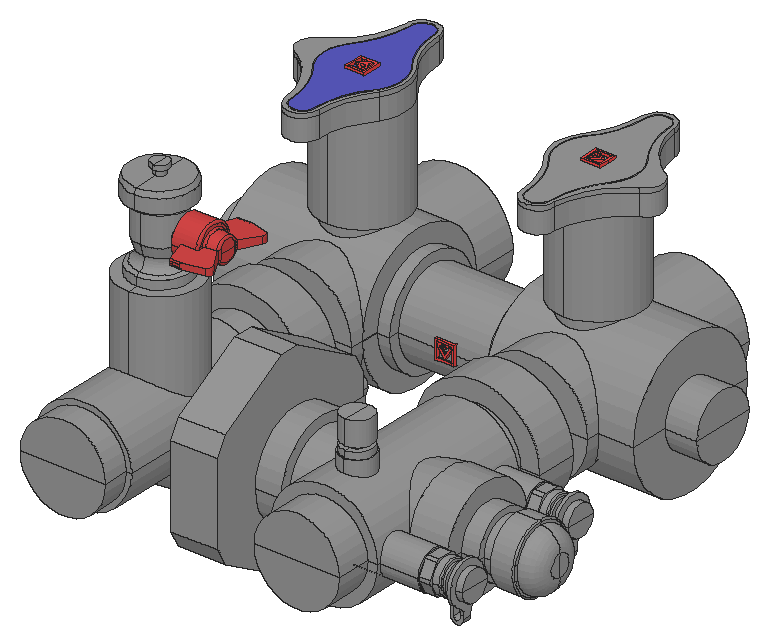
Revit family "HerzCon-Direktanschluss für FanCoils 120mm", category Rohrzubehör, Revit 2020
Family settings
  Bemaßung runder Anschluss = Durchmesser verwenden
  Teiletyp = Unterbricht
  OmniClass-Nummer = 23.65.55.14
  OmniClass-Titel = Valves for Liquid Services
  Arbeitsebenenbasiert = Nein
  Immer vertikal = Ja
  Beim Laden mit Abzugskörper schneiden = Nein
  Gemeinsam genutzt = Nein
Parameters (values of type "DN32")
  kvs-Wert (normale Funktion) = 4.57  # constant formula
  kvs-Wert (Bypass Funktion) = 14.2  # constant formula
  Vorgabe-Ansicht = 0.00 mm
  URL = "www.herz-armaturen.at"
  SCRNSEQ = "ARM;TYP_ARM=\"DURR\";02"
  SCRNCODE = "05;04;04"  # constant formula
  Nennweite SF [instance] = 40.00 mm  # constant formula
  Nennweite Kombi [instance] = 40.00 mm  # constant formula
  Nennweite KH [instance] = 32.00 mm  # constant formula
  Min. Betriebstemperatur = -20 °C  # constant formula
  Membrane und O-Ringe = "EPDM"  # constant formula
  Medium = "Heizungswasser gemäß ÖNORM H5195 oder VDI-Standard 2035.\r\nDie Verwendung von Ethylen- oder Propylenglykol-Gemischen in einem Verhältnis von 25-50 Vol.- % ist erlaubt."
  Max. Differenzdruck = 400000.0 Pa  # constant formula
  Max. Betriebstemperatur = 130 °C  # constant formula
  Max. Betriebsdruck = 2500000.0 Pa  # constant formula
  L11 = 16.00 mm  # constant formula
  L10 = 29.30 mm  # constant formula
  L09 = 20.00 mm  # constant formula
  L08 = 14.75 mm  # constant formula
  L07 = 19.25 mm  # constant formula
  L06 = 17.00 mm  # constant formula
  L05 = 26.50 mm  # constant formula
  L04 = 55.00 mm  # constant formula
  L03 = 22.40 mm  # constant formula
  L02 = 6.10 mm  # constant formula
  L01 = 15.00 mm  # constant formula
  L00 [instance] = 226.20 mm  # constant formula
  KR02 = 18.25 mm  # constant formula
  KR01 = 35.00 mm  # constant formula
  KL09 = 4.70 mm  # constant formula
  KL08 = KL06 + KL07  # 70.70 mm
  KL07 = 21.80 mm  # constant formula
  KL06 = KH01 + KL05  # 48.90 mm
  KL05 = 15.40 mm  # constant formula
  KL04 = 12.00 mm  # constant formula
  KL03 = KH03 - 9.00 mm  # 57.00 mm
  KL02 = 16.00 mm  # constant formula
  KL01 = 114.00 mm  # constant formula
  KH03 = 66.00 mm  # constant formula
  KH02 = KH01 + KD01  # 58.50 mm
  KH01 = 33.50 mm  # constant formula
  KD09 = 11.25 mm  # constant formula
  KD08 = 24.50 mm  # constant formula
  KD07 = 23.30 mm  # constant formula
  KD06 = 15.00 mm  # constant formula
  KD05 = 12.50 mm  # constant formula
  KD04 = 13.90 mm  # constant formula
  KD03 = 20.00 mm  # constant formula
  KD02 = 20.00 mm  # constant formula
  KD01 = 25.00 mm  # constant formula
  Hub = "4 mm"  # constant formula
  Hersteller = "HERZ Armaturen Ges.m.b.H."  # constant formula
  H01 = D02 + 1.00 mm  # 34.00 mm
  Gehäuse = "entzinkungsbeständiges Messing"  # constant formula
  D10 = 21.40 mm  # constant formula
  D09 = 13.00 mm  # constant formula
  D08 = 18.40 mm  # constant formula
  D07 = 39.00 mm  # constant formula
  D06 = 45.00 mm  # constant formula
  D05 = 54.50 mm  # constant formula
  D04 = 20.00 mm  # constant formula
  D03 = 24.50 mm  # constant formula
  D02 = 33.00 mm  # constant formula
  D01 = 15.00 mm  # constant formula
  Bestellnummer [instance] = 1460054  # constant formula
  Anwendungen = "Die HerzCON wurden entwickelt, um eine einfache Verbindung zu Gebläsekonvektoren oder anderen Anschlusseinheiten herzustellen.\r\nEin HerzCON ist eine Einheit, bestehend aus einem druckunabhängigen Kombiventil-Volumenstromregler (4006), Herz-Schmutzfänger, Herz-Entleerungshahn (2512) und zwei Herz-Multifunktionskugelhähnen.\r\nDas Ein-/ Aus Schalten sowie Modulieren ist über einen 0-10 V Stellantrieb möglich und kann bei Bedarf in eine GLT integriert werden.\r\nDie Einheit optimiert die Energieeffizienz des Systems, da es eine druckunabhängige Regelung ist, die den vollen Regelbereich unabhängig von Druckschwankungen gewährleistet, während gleichzeitig ein konstanter Durchfluss sichergestellt wird.\r\nMit der HerzCON können auch Spül- und Absperrvorgänge durchgeführt werden.\r\nEine Einheit kann für Heizen und Kühlen verwendet werden.\r\nEs gibt daher keinen Produktunterschied zwischen Heizen und Kühlen.\r\nDer am Sieb angebrachte Ablasshahn ermöglicht ein Spülen, ohne dass der Siebkorb entfernt werden muss.\r\nAußerdem kann der Siebkorb vor Ort gereinigt werden."
Reference planes
  plane 1 "Mitte (Vorne/hinten)": y = 0
  plane 2: z = 0
  plane 3 "Mitte (Links/rechts)": x = 0
Forms (mm)
  Revolve 1, solid, material "Messing, weicher Gelbton, geschweißt", detail levels fine
    sketch origin (0, -1.436, 0) x (1, 0, 0) y (0, 1, 0)
      loop
        line (-113.1, 1.436) -> (113.1, 1.436) -> (113.1, 16.436) -> (98.1, 16.436) -> (98.1, 34.436) -> (28.5, 34.436) -> (28.5, 25.936) -> (22.4, 25.936) -> (22.4, 21.436) -> (-22.4, 21.436) -> (-22.4, 25.936) -> (-28.5, 25.936) -> (-28.5, 34.436) -> (-98.1, 34.436) -> (-98.1, 16.436) -> (-113.1, 16.436) -> (-113.1, 1.436)
      axis (113.1, 1.436) -> (-113.1, 1.436)
    angle from 0 to 360
  Revolve 2, solid, material "Messing, weicher Gelbton, geschweißt", detail levels fine
    sketch origin (0, 0, 0) x (-1, 0, 0) y (0, 1, 0)
      loop
        line (-55, -57.4) -> (-55, 33.1) -> (-71, 33.1) -> (-71, 54.5) -> (-81.5, 54.5) -> (-81.5, -39) -> (-69.75, -39) -> (-69.75, -51.4) -> (-84.3, -51.4) -> (-84.3, -70.4) -> (-75, -70.4) -> (-75, -57.4) -> (-55, -57.4)
      axis (-55, -70.4) -> (-55, 54.5)
    angle from 0 to 360
  Revolve 3, solid, material "Messing, weicher Gelbton, geschweißt", detail levels fine
    sketch origin (0, 0, 0) x (1, 0, 0) y (0, 0, 1)
      loop
        line (-55, 0) -> (-55, 45) -> (-72, 45) -> (-72, 0) -> (-55, 0)
      axis (-55, 45) -> (-55, 0)
    angle from 0 to 360
  Revolve 4, solid, material "Messing, weicher Gelbton, geschweißt", detail levels fine
    sketch origin (0, 0, 0) x (-1, 0, 0) y (0, 0, 1)
      loop
        line (-55, 0) -> (-55, 45) -> (-72, 45) -> (-72, 0) -> (-55, 0)
      axis (-55, 45) -> (-55, 0)
    angle from 0 to 360
  Revolve 5, solid, material "Messing, weicher Gelbton, geschweißt", detail levels fine
    sketch origin (0, 0, 0) x (1, 0, 0) y (0, 1, 0)
      loop
        line (-55, -57.4) -> (-55, 33.1) -> (-71, 33.1) -> (-71, 54.5) -> (-81.5, 54.5) -> (-81.5, -39) -> (-69.75, -39) -> (-69.75, -51.4) -> (-84.3, -51.4) -> (-84.3, -70.4) -> (-75, -70.4) -> (-75, -57.4) -> (-55, -57.4)
      axis (-55, -70.4) -> (-55, 54.5)
    angle from 0 to 360
  Revolve 6, solid, material "Messing, weicher Gelbton, geschweißt", detail levels fine
    sketch origin (10, 7.177, 0) x (1, 0, 0) y (0, 1, 0)
      loop
        line (45, -68.677) -> (25, -68.677) -> (25, -84.677) -> (20, -84.677) -> (20, -166.677) -> (25, -166.677) -> (25, -182.677) -> (45, -182.677) -> (45, -68.677)
      axis (45, -68.677) -> (45, -182.677)
    angle from 0 to 360
  Revolve 7, solid, material "Messing, weicher Gelbton, geschweißt", detail levels fine
    sketch origin (10, -105.85, 0) x (1, 0, 0) y (0, 1, 0)
      loop
        line (11.5, -12.65) -> (11.5, -32.65) -> (45, -32.65) -> (70, -35.95) -> (87.8, -35.95) -> (87.8, -27.65) -> (96.3, -27.65) -> (96.3, -25.15) -> (102, -25.15) -> (102, -26.55) -> (111, -26.55) -> (111, -12.65) -> (11.5, -12.65)
      axis (11.5, -12.65) -> (111, -12.65)
    angle from 0 to 360
  Revolve 8, solid, material "Messing, weicher Gelbton, geschweißt", detail levels fine
    sketch origin (10, -105.85, 0) x (1, 0, 0) y (0, 1, 0)
      loop
        line (11.5, -12.65) -> (-3.9, -12.65) -> (-3.9, -23.9) -> (-0.5, -23.9) -> (-0.5, -37.15) -> (11.5, -37.15) -> (11.5, -12.65)
      axis (-3.9, -12.65) -> (11.5, -12.65)
    angle from 0 to 360
  Extrusion 9, solid, material "Messing, weicher Gelbton, geschweißt", detail levels fine
    sketch origin (-4.9, 62.574, 0) x (0, 1, 0) y (0, 0, 1)
      loop
        line (-176.324, 46) -> (-185.824, 46) -> (-218.536, 27.114) -> (-223.286, 18.886) -> (-223.286, -18.886) -> (-218.536, -27.114) -> (-185.824, -46) -> (-176.324, -46) -> (-143.612, -27.114) -> (-138.862, -18.886) -> (-138.862, 18.886) -> (-143.612, 27.114) -> (-176.324, 46)
    from 11 to -10.8
  Revolve 10, solid, material "Messing, weicher Gelbton, geschweißt", detail levels fine
    sketch origin (-4.9, -105.85, 0) x (1, 0, 0) y (0, 1, 0)
      loop
        line (-10.8, -12.65) -> (-10.8, 22.35) -> (-15.5, 5.6) -> (-15.5, -12.65) -> (-10.8, -12.65)
      axis (-15.5, -12.65) -> (-10.8, -12.65)
    angle from 0 to 360
  Extrusion 11, solid, material "Messing, weicher Gelbton, geschweißt", detail levels fine
    sketch origin (-4.9, -105.85, 0) x (1, 0, 0) y (0, 0, 1)
      loop
        line (11, 8) -> (-7.5, 8)
        arc (-7.5, 8) -> (-15.5, 0) -> (-7.5, -8) r 8
        line (-7.5, -8) -> (11, -8) -> (11, 8)
    from -30.847 to 12.65
  Revolve 12, solid, material "Messing, weicher Gelbton, geschweißt", detail levels fine
    sketch origin (-4.9, -105.85, 0) x (1, 0, 0) y (0, 1, 0)
      loop
        line (-14.5, 30.847) -> (-7.5, 30.847) -> (-7.5, 46.847) -> (-14.5, 46.847) -> (-14.5, 35.847) -> (-11.5, 35.847) -> (-11.5, 33.847) -> (-14.5, 33.847) -> (-14.5, 30.847)
      axis (-7.5, 46.847) -> (-7.5, 30.847)
    angle from 0 to 360
  Revolve 13, solid, material "Messing, weicher Gelbton, geschweißt", detail levels fine
    sketch origin (55, -105.85, 0) x (0, 1, 0) y (0, 0, 1)
      loop
        line (-34.65, 0) -> (-26.85, 0) -> (-26.85, 31) -> (-27.65, 31) -> (-27.65, 34) -> (-30.65, 34) -> (-30.65, 36) -> (-27.65, 36) -> (-27.65, 47) -> (-34.65, 47) -> (-34.65, 0)
      axis (-34.65, 47) -> (-34.65, 0)
    angle from 0 to 360
  Revolve 14, solid, material "Messing, weicher Gelbton, geschweißt", detail levels fine
    sketch origin (0, 0, 0) x (1, 0, 0) y (0, 1, 0)
      loop
        line (55, -96.5) -> (97.8, -96.5) -> (97.8, -87.5) -> (55, -87.5) -> (55, -96.5)
      axis (97.8, -87.5) -> (55, -87.5)
    angle from 0 to 360
  Revolve 15, solid, material "Messing, weicher Gelbton, geschweißt", detail levels fine
    sketch origin (0, -396.8, 0) x (1, 0, 0) y (0, -1, 0)
      loop
        line (55, -256.3) -> (97.8, -256.3) -> (97.8, -247.3) -> (55, -247.3) -> (55, -256.3)
      axis (97.8, -247.3) -> (55, -247.3)
    angle from 0 to 360
  Revolve 16, solid, material "Messing, weicher Gelbton, geschweißt", detail levels fine
    sketch origin (0, 251.113, 0) x (1, 0, 0) y (0, 1, 0)
      loop
        line (-55, -312.613) -> (-75, -312.613) -> (-75, -335.613) -> (-77.5, -335.613) -> (-77.5, -413.943) -> (-75, -413.943) -> (-75, -425.613) -> (-55, -425.613) -> (-55, -312.613)
      axis (-55, -312.613) -> (-55, -425.613)
    angle from 0 to 360
  Revolve 17, solid, material "Messing, weicher Gelbton, geschweißt", detail levels fine
    sketch origin (-55, 0, 0) x (0, 1, 0) y (0, 0, 1)
      loop
        line (-105, 0) -> (-105, -36)
        arc (-105, -36) -> (-92.506, -32.657) -> (-84.5, -22.5) r 20.5
        line (-84.5, -22.5) -> (-84.5, 0) -> (-105, 0)
      axis (-105, 0) -> (-105, -36)
    angle from 0 to 360
  Revolve 18, solid, material "Messing, weicher Gelbton, geschweißt", detail levels fine
    sketch origin (-55, -511.376, 0) x (0, 1, 0) y (0, 0, 1)
      loop
        line (393.376, 0) -> (411.876, 0) -> (411.876, 57) -> (406.876, 57) -> (406.876, 61) -> (404.999, 62.084)
        arc (404.999, 62.084) -> (402.831, 64.622) -> (402.743, 67.959) r 5
        line (402.743, 67.959) -> (404.381, 73) -> (404.381, 88) -> (406.581, 88) -> (406.581, 89.5) -> (408.361, 89.5) -> (408.361, 96) -> (407.361, 98.5) -> (395.861, 98.5) -> (395.861, 101.5) -> (397.361, 101.5) -> (397.361, 103.5) -> (393.376, 103.5) -> (393.376, 0)
      axis (393.376, 103.5) -> (393.376, 0)
    angle from 0 to 360
  Extrusion 19, solid, material "Messing, weicher Gelbton, geschweißt", detail levels fine
    sketch origin (5.52, -501.459, 12) x (0, 1, 0) y (0, 0, 1)
      loop
        circle (383.459, 65) r 5.5
    from -60.52 to -43.52
Dimensions and locks
  "L00": Revolve 1 sketch curve to Revolve 1 sketch curve
  "L01": Revolve 1 sketch curve to Revolve 1 sketch curve  (x2)
  "L02": Revolve 1 sketch curve to Revolve 1 sketch curve  (x2)
  equal spacing: Revolve 1 sketch curve, plane 3 "Mitte (Links/rechts)", Revolve 1 sketch curve
  "D01": Revolve 1 sketch curve to Revolve 1 sketch curve  (x2)
  "D02": Revolve 1 sketch curve to Revolve 1 sketch curve  (x2)
  "D03": Revolve 1 sketch curve to Revolve 1 sketch curve  (x2)
  "D04": Revolve 1 sketch curve to Revolve 1 sketch curve
  "D04": nested 2 to plane 1 "Mitte (Vorne/hinten)"
  "D04": nested 1 to plane 1 "Mitte (Vorne/hinten)"
  "L03": Revolve 1 sketch curve to plane 3 "Mitte (Links/rechts)" to Revolve 1 sketch curve
  "L05": Revolve 2 sketch curve to Revolve 2 sketch curve
  "L04": plane 3 "Mitte (Links/rechts)" to Revolve 2 sketch curve  (x2)
  "L04": plane 3 "Mitte (Links/rechts)" to Revolve 3 sketch curve  (x2)
  "L06": Revolve 3 sketch curve to Revolve 3 sketch curve
  "D06": Revolve 3 sketch curve to plane 2
  "L06": Revolve 4 sketch curve to Revolve 4 sketch curve
  "D06": Revolve 4 sketch curve to plane 2
  "L04": plane 3 "Mitte (Links/rechts)" to Revolve 4 sketch curve
  "L04": Revolve 4 sketch curve to plane 3 "Mitte (Links/rechts)"
  "L04": plane 3 "Mitte (Links/rechts)" to nested 3
  "L04": nested 4 to plane 3 "Mitte (Links/rechts)"
  "H01": nested 3 to plane 2
  "H01": nested 4 to plane 2
  "D05": plane 1 "Mitte (Vorne/hinten)" to Revolve 2 sketch curve
  "D07": Revolve 2 sketch curve to plane 1 "Mitte (Vorne/hinten)"
  "D08": Revolve 2 sketch curve to Revolve 2 sketch curve
  "L08": Revolve 2 sketch curve to Revolve 2 sketch curve
  "L10": Revolve 2 sketch curve to Revolve 2 sketch curve
  "L09": Revolve 2 sketch curve to Revolve 2 sketch curve
  "D09": Revolve 2 sketch curve to Revolve 2 sketch curve
  "L05": Revolve 5 sketch curve to Revolve 5 sketch curve
  "D08": Revolve 5 sketch curve to Revolve 5 sketch curve
  "L08": Revolve 5 sketch curve to Revolve 5 sketch curve
  "L10": Revolve 5 sketch curve to Revolve 5 sketch curve
  "L09": Revolve 5 sketch curve to Revolve 5 sketch curve
  "D09": Revolve 5 sketch curve to Revolve 5 sketch curve
  "D05": plane 1 "Mitte (Vorne/hinten)" to Revolve 5 sketch curve
  "D07": Revolve 5 sketch curve to plane 1 "Mitte (Vorne/hinten)"
  "L11": Revolve 5 sketch curve to Revolve 5 sketch curve
  "L04": Revolve 5 sketch curve to plane 3 "Mitte (Links/rechts)"  (x2)
  "D10": Revolve 5 sketch curve to Revolve 5 sketch curve
  "L11": Revolve 2 sketch curve to Revolve 2 sketch curve
  "D10": Revolve 2 sketch curve to Revolve 2 sketch curve
  "KD02": Revolve 6 sketch curve to Revolve 6 sketch curve  (x2)
  "KD01": Revolve 6 sketch curve to Revolve 6 sketch curve
  Revolve 6 sketch curve to Revolve 6 sketch curve = 114.00 mm
  "KL02": Revolve 6 sketch curve to Revolve 6 sketch curve  (x2)
  equal spacing: Revolve 6, Revolve 7 sketch curve, Revolve 6  (x2)
  Revolve 7 sketch curve to Revolve 7 sketch curve = 99.50 mm
  Revolve 7 sketch curve to Revolve 7 sketch curve = 9.00 mm
  Revolve 7 sketch curve to Revolve 7 sketch curve = 5.70 mm
  Revolve 7 sketch curve to Revolve 7 sketch curve = 8.50 mm
  "KD04": Revolve 7 sketch curve to Revolve 7 sketch curve
  "KD05": Revolve 7 sketch curve to Revolve 7 sketch curve
  "KD06": Revolve 7 sketch curve to Revolve 7 sketch curve
  "KD03": Revolve 7 sketch curve to Revolve 7 sketch curve
  "KH01": Revolve 7 sketch curve to Revolve 7 sketch curve
  "KH02": Revolve 7 sketch curve to Revolve 7 sketch curve
  "KH01": Revolve 8 sketch curve to Revolve 7
  equal spacing: Revolve 6, Revolve 8 sketch curve, Revolve 6  (x2)
  "KD08": Revolve 8 sketch curve to Revolve 8 sketch curve
  "KD09": Revolve 8 sketch curve to Revolve 8 sketch curve
  "KL05": Revolve 8 sketch curve to Revolve 8 sketch curve
  "KL04": Revolve 8 sketch curve to Revolve 8 sketch curve
  equal spacing: Revolve 6, Revolve 10 sketch curve, Revolve 6  (x2)
  "KR02": Revolve 10 sketch curve to Revolve 10 sketch curve
  "KR01": Revolve 10 sketch curve to Revolve 10 sketch curve
  "KL09": Revolve 10 sketch curve to Extrusion 9
  equal spacing: Revolve 6, nested 5, Revolve 6
  Revolve 12 sketch curve to Revolve 12 sketch curve = 7.00 mm  (x2)
  Revolve 12 sketch curve to Revolve 12 sketch curve = 4.00 mm
  Revolve 12 sketch curve to Revolve 12 sketch curve = 3.00 mm
  Revolve 12 sketch curve to Revolve 12 sketch curve = 2.00 mm
  Revolve 12 sketch curve to Revolve 12 sketch curve = 11.00 mm
  Revolve 10 to Revolve 12 sketch curve = 1.00 mm
  Revolve 10 to Revolve 12 sketch curve = 8.00 mm
  Extrusion 11 to Revolve 12 sketch curve = 43.497 mm
  equal spacing: Revolve 6, Extrusion 11, Revolve 6
  Revolve 13 sketch curve to Revolve 13 sketch curve = 7.80 mm
  Revolve 13 sketch curve to Revolve 13 sketch curve = 7.00 mm  (x2)
  Revolve 13 sketch curve to Revolve 13 sketch curve = 4.00 mm
  Revolve 13 sketch curve to Revolve 13 sketch curve = 3.00 mm
  Revolve 13 sketch curve to Revolve 13 sketch curve = 2.00 mm
  Revolve 13 sketch curve to Revolve 13 sketch curve = 11.00 mm
  "L04": plane 3 "Mitte (Links/rechts)" to Revolve 6 sketch curve  (x2)
  "KH03": Revolve 7 sketch curve to Revolve 7 sketch curve
  "KD07": Revolve 7 sketch curve to Revolve 7 sketch curve
  "KL03": Revolve 7 to nested 5
  "KL06": Extrusion 9 to Revolve 7
  Extrusion 9 sketch curve to Extrusion 9 sketch curve = 92.00 mm  (x3)
  Extrusion 9 sketch curve to Extrusion 9 sketch curve = 84.424 mm  (x3)
  "KL07": Extrusion 9 to Extrusion 9
  "KL08": Revolve 10 sketch curve to Revolve 7
  Revolve 6 to Extrusion 9 sketch curve = 14.788 mm
  Extrusion 9 sketch curve to Revolve 6 = 14.788 mm
  Extrusion 11 sketch curve to Extrusion 11 sketch curve = 26.50 mm
  Revolve 14 sketch curve to Revolve 14 sketch curve = 42.80 mm
  Revolve 14 sketch curve to Revolve 14 sketch curve = 9.00 mm
  Revolve 14 sketch curve to Revolve 6 = 26.00 mm  (x2)
  Revolve 15 sketch curve to Revolve 15 sketch curve = 42.80 mm
  Revolve 15 sketch curve to Revolve 15 sketch curve = 9.00 mm
  Revolve 6 to Revolve 15 sketch curve = 26.00 mm  (x2)
  Revolve 6 to nested 6 = 26.00 mm
  Revolve 7 to nested 6 = 42.80 mm
  nested 7 to Revolve 6 = 26.00 mm
  Revolve 7 to nested 7 = 42.80 mm
  Revolve 13 sketch curve to plane 2 = 31.00 mm
  Revolve 13 sketch curve to Revolve 6 = 35.00 mm  (x2)
  Revolve 2 to Revolve 6 = 230.00 mm
  Revolve 16 sketch curve to Revolve 16 sketch curve = 23.00 mm
  Revolve 16 sketch curve to Revolve 16 sketch curve = 11.67 mm
  Revolve 16 sketch curve to Revolve 16 sketch curve = 113.00 mm
  "L04": Revolve 16 sketch curve to plane 3 "Mitte (Links/rechts)"  (x2)
  Revolve 16 sketch curve to Revolve 16 sketch curve = 20.00 mm  (x2)
  Revolve 16 sketch curve to Revolve 16 sketch curve = 22.50 mm
  Revolve 17 sketch curve to Revolve 17 sketch curve = 22.50 mm
  Revolve 17 sketch curve to Revolve 17 sketch curve = 20.50 mm
  "L04": Revolve 17 to plane 3 "Mitte (Links/rechts)"
  Revolve 18 sketch curve to Revolve 18 sketch curve = 13.50 mm
  "L04": Revolve 18 to plane 3 "Mitte (Links/rechts)"
  Revolve 18 sketch curve to plane 2 = 57.00 mm
  Revolve 18 sketch curve to Revolve 18 sketch curve = 4.00 mm
  equal spacing: Revolve 16, Revolve 18 sketch curve, Revolve 16  (x2)
  "L04": Extrusion 19 to plane 3 "Mitte (Links/rechts)"
  Extrusion 19 to Extrusion 19 = 17.00 mm
  Revolve 18 to Extrusion 19 = 11.00 mm
  Revolve 18 to nested 8 = 11.00 mm
  equal spacing: Revolve 16, nested 8, Revolve 16
  equal spacing: Revolve 16, Extrusion 19 sketch curve, Revolve 16
  Revolve 16 to Revolve 5 = 229.00 mm
  Revolve 16 to Revolve 17 sketch curve = 43.50 mm  (x2)
  plane 2 to Revolve 17 sketch curve = 36.00 mm
  radius of Extrusion 11 sketch curve = 8.00 mm
  radius of Extrusion 19 sketch curve = 5.50 mm
  aligned and locked: level to plane 2
Automatic sketch dimensions
  Extrusion 9 sketch curve to level = 27.114 mm  (x2)
  Extrusion 9 sketch curve to Extrusion 9 sketch curve = 4.75 mm  (x2)
  level to Extrusion 9 sketch curve = 27.114 mm  (x2)
  Extrusion 9 sketch curve to Extrusion 9 sketch curve = 32.712 mm  (x2)
  level to Extrusion 9 sketch curve = 46.00 mm
  Extrusion 9 sketch curve to Extrusion 9 sketch curve = 9.50 mm
  Extrusion 9 sketch curve to Extrusion 9 sketch curve = 8.227 mm  (x2)
  Extrusion 11 sketch curve to level = 0.00 mm
  Extrusion 11 sketch curve to plane 3 "Mitte (Links/rechts)" = 12.40 mm
  Revolve 12 sketch curve to Revolve 12 sketch curve = 1.775 mm
  Revolve 12 sketch curve to Revolve 12 sketch curve = 4.225 mm
  Revolve 13 sketch curve to level = 0.00 mm
  level to Revolve 13 sketch curve = 7.505 mm
  Revolve 13 sketch curve to Revolve 13 sketch curve = 10.256 mm
  plane 3 "Mitte (Links/rechts)" to Revolve 14 sketch curve = 55.00 mm
  Revolve 14 sketch curve to Revolve 14 sketch curve = 12.80 mm
  Revolve 14 sketch curve to Revolve 14 sketch curve = 5.00 mm
  Revolve 15 sketch curve to plane 3 "Mitte (Links/rechts)" = 55.00 mm
  Revolve 15 sketch curve to Revolve 15 sketch curve = 12.80 mm
  Revolve 15 sketch curve to Revolve 15 sketch curve = 5.00 mm
  Revolve 17 sketch curve to level = 0.00 mm
  Revolve 17 sketch curve to Revolve 17 sketch curve = 1.219 mm
  Revolve 17 sketch curve to Revolve 17 sketch curve = 6.00 mm
  Revolve 17 sketch curve to level = 5.00 mm
  Revolve 18 sketch curve to level = 0.00 mm
  Revolve 18 sketch curve to Revolve 18 sketch curve = 2.485 mm
  Revolve 18 sketch curve to Revolve 18 sketch curve = 1.50 mm  (x2)
  level to Revolve 18 sketch curve = 67.959 mm
  Revolve 18 sketch curve to Revolve 18 sketch curve = 6.883 mm
  Revolve 18 sketch curve to Revolve 18 sketch curve = 8.52 mm
  level to Revolve 18 sketch curve = 62.084 mm
  Revolve 18 sketch curve to Revolve 18 sketch curve = 2.255 mm
  Revolve 18 sketch curve to Revolve 18 sketch curve = 2.20 mm
  level to Revolve 18 sketch curve = 98.50 mm
  Revolve 18 sketch curve to Revolve 18 sketch curve = 0.78 mm
  Revolve 18 sketch curve to Revolve 18 sketch curve = 2.50 mm  (x2)
  Revolve 18 sketch curve to Revolve 18 sketch curve = 1.78 mm
  Revolve 18 sketch curve to Revolve 18 sketch curve = 5.041 mm
  Revolve 18 sketch curve to Revolve 18 sketch curve = 10.50 mm
  Revolve 18 sketch curve to Revolve 18 sketch curve = 3.00 mm
  Revolve 18 sketch curve to Revolve 18 sketch curve = 2.00 mm
  Revolve 18 sketch curve to Revolve 18 sketch curve = 8.124 mm
  Revolve 18 sketch curve to Revolve 18 sketch curve = 5.00 mm
  Revolve 18 sketch curve to Revolve 18 sketch curve = 21.227 mm
  level to Extrusion 19 sketch curve = 77.00 mm
  Revolve 1 sketch curve to plane 1 "Mitte (Vorne/hinten)" = 0.00 mm
  plane 1 "Mitte (Vorne/hinten)" to Revolve 1 sketch curve = 0.00 mm
  Revolve 1 sketch curve to Revolve 1 sketch curve = 1904.835 mm  (x2)
  Revolve 2 sketch curve to Revolve 2 sketch curve = 6.00 mm
  Revolve 2 sketch curve to Revolve 2 sketch curve = 7.746 mm
  Revolve 2 sketch curve to Revolve 2 sketch curve = 7.208 mm
  Revolve 3 sketch curve to level = 0.00 mm  (x2)
  Revolve 3 sketch curve to Revolve 3 sketch curve = 6.726 mm
  Revolve 4 sketch curve to level = 0.00 mm  (x2)
  Revolve 4 sketch curve to Revolve 4 sketch curve = 6.726 mm
  Revolve 5 sketch curve to Revolve 5 sketch curve = 6.00 mm
  Revolve 5 sketch curve to Revolve 5 sketch curve = 7.746 mm
  Revolve 5 sketch curve to Revolve 5 sketch curve = 7.208 mm
  plane 1 "Mitte (Vorne/hinten)" to Revolve 6 sketch curve = 175.50 mm
  Revolve 6 sketch curve to Revolve 6 sketch curve = 6.00 mm
  Revolve 6 sketch curve to Revolve 6 sketch curve = 5.00 mm
  plane 3 "Mitte (Links/rechts)" to Revolve 7 sketch curve = 21.50 mm
  Revolve 7 sketch curve to Revolve 7 sketch curve = 5.00 mm
  Revolve 7 sketch curve to Revolve 7 sketch curve = 11.575 mm
  Revolve 8 sketch curve to Revolve 8 sketch curve = 2.197 mm
  Revolve 8 sketch curve to Revolve 8 sketch curve = 3.212 mm
  Revolve 10 sketch curve to Revolve 10 sketch curve = 0.00 mm  (x2)
  plane 1 "Mitte (Vorne/hinten)" to Revolve 16 sketch curve = 174.50 mm
  Revolve 16 sketch curve to Revolve 16 sketch curve = 26.33 mm
  Revolve 16 sketch curve to Revolve 16 sketch curve = 12.00 mm
Nested families
  nested 1: "Herz-Logo-vorne" at (0, -20, 0) x (0, 1, 0) z (0, 0, 1), type "Herz-Logo-vorne", detail levels fine
  nested 2: "Herz-Logo-vorne" at (0, 20, 0) x (0, 1, 0) z (0, 0, 1), type "Herz-Logo-vorne", detail levels fine
  nested 3: "Handrad (blau) für HerzCon DN25-DN32" at (-55, 0, 34) x (0, -1, 0) z (0, 0, 1), type "Handrad (blau) für HerzCon DN25-DN32", detail levels fine
  nested 4: "Handrad (rot) für HerzCon DN25-DN32" at (55, 0, 34) x (0, 1, 0) z (0, 0, 1), type "Handrad (rot) für HerzCon DN25-DN32", detail levels fine
  nested 5: "Bauschutzkappe für HerCon" at (112, -118.5, 0), type "Bauschutzkappe für HerCon", detail levels fine
  nested 6: "Messstutzen_Band_Eintritt" at (80.3, -149.5, 0) x (0, 1, 0) z (0, 0, 1), type "Messstutzen_Band_Eintritt", detail levels fine
    with Schutzkappe yes, Nennweite 0.00 mm, Gewicht 0.00 kg, Bestellnummer 0
  nested 7: "Messstutzen_Band_Austritt" at (80.3, -87.5, 0) x (0, 1, 0) z (0, 0, 1), type "Messstutzen_Band_Austritt", detail levels fine
    with Schutzkappe yes, Nennweite 0.00 mm, Gewicht 0.00 kg, Bestellnummer 0
  nested 8: "Flügelgriff rot (seite)" at (-42, -118, 77), type "Flügelgriff rot (seite)"
Connectors
  piping at (55, -175.5, 0), diameter 40, driven by "Nennweite Kombi"
    settings: on Revolve 6, index 1, connector inside diameter 609.6 mm, connector length 0.00 mm, flow factor 0, pipe flow 0.0 L/s, pressure drop 0.0 Pa, fitting loss kfactor 0, connector angle 0.00°, fixture units 0, engagement length 0.00 mm, angle of deflection 0.00°, flow configuration 0, flow direction 1, fitting loss method 0, system type 7, joint type 0, gender type 0, connector reference index -1, connector utility 0, adjustable connector no, is connector primary yes, connector description ""
  piping at (-55, -174.5, 0), diameter 40, driven by "Nennweite SF"
    settings: on Revolve 16, index 2, connector inside diameter 609.6 mm, connector length 0.00 mm, flow factor 0, pipe flow 0.0 L/s, pressure drop 0.0 Pa, fitting loss kfactor 0, connector angle 0.00°, fixture units 0, engagement length 0.00 mm, angle of deflection 0.00°, flow configuration 0, flow direction 2, fitting loss method 0, system type 8, joint type 0, gender type 0, connector reference index -1, connector utility 0, adjustable connector no, is connector primary no, connector description ""
  piping at (55, 33.1, 0), diameter 32, driven by "Nennweite KH"
    settings: on Revolve 2, index 3, connector inside diameter 609.6 mm, connector length 0.00 mm, flow factor 0, pipe flow 0.0 L/s, pressure drop 0.0 Pa, fitting loss kfactor 0, connector angle 0.00°, fixture units 0, engagement length 0.00 mm, angle of deflection 0.00°, flow configuration 0, flow direction 2, fitting loss method 0, system type 7, joint type 0, gender type 0, connector reference index -1, connector utility 0, adjustable connector no, is connector primary no, connector description ""
  piping at (-55, 33.1, 0), diameter 32, driven by "Nennweite KH"
    settings: on Revolve 5, index 4, connector inside diameter 609.6 mm, connector length 0.00 mm, flow factor 0, pipe flow 0.0 L/s, pressure drop 0.0 Pa, fitting loss kfactor 0, connector angle 0.00°, fixture units 0, engagement length 0.00 mm, angle of deflection 0.00°, flow configuration 0, flow direction 1, fitting loss method 0, system type 8, joint type 0, gender type 0, connector reference index -1, connector utility 0, adjustable connector no, is connector primary no, connector description ""
Definition of nested family "Herz-Logo-vorne"
  Parameters (values of type "Herz-Logo-vorne")
    Default Elevation = 0.00 mm
  Reference planes
    plane 1 "Mitte (Vorne/hinten)": y = 0
    plane 2: z = 0
    plane 3 "Mitte (Links/rechts)": x = 0
  Forms (mm)
    Extrusion 1, solid
      sketch origin (0.732, -0.018, 0.017) x (0, -1, 0) y (0, 0, 1)
        loop
          line (-0.018, -4.517) -> (4.482, -4.517) -> (4.482, 4.483) -> (-4.518, 4.483) -> (-4.518, -4.517) -> (-0.018, -4.517)
        loop
          line (-0.05, -3.48) -> (3.482, -3.48) -> (3.482, 3.483) -> (-3.518, 3.483) -> (-3.518, -3.48) -> (-0.05, -3.48)
        loop
          arc (-0.018, 2.383) -> (-1.543, 3.287) -> (-3.067, 2.383) r 1.738
          arc (-3.067, 2.383) -> (-3.191, 1.899) -> (-3.067, 1.415) r 1.009
          line (-3.067, 1.415) -> (-0.018, -3.281) -> (3.032, 1.415)
          arc (3.032, 1.415) -> (3.156, 1.899) -> (3.032, 2.383) r 1.009
          arc (3.032, 2.383) -> (1.507, 3.287) -> (-0.018, 2.383) r 1.738
        loop
          arc (1.885, 1.272) -> (2.005, 1.675) -> (1.885, 2.079) r 0.74
          arc (1.885, 2.079) -> (1.265, 2.416) -> (0.644, 2.079) r 0.74
          line (0.644, 2.079) -> (-0.018, 0.97) -> (-0.679, 2.079)
          arc (-0.679, 2.079) -> (-1.3, 2.416) -> (-1.921, 2.079) r 0.74
          arc (-1.921, 2.079) -> (-2.04, 1.675) -> (-1.921, 1.272) r 0.74
          line (-1.921, 1.272) -> (-0.018, -1.658) -> (1.885, 1.272)
      from 0 to 1.5
  Dimensions and locks
    aligned and locked: level to plane 2
Definition of nested family "Handrad (blau) für HerzCon DN25-DN32"
  Parameters (values of type "Handrad (blau) für HerzCon DN25-DN32")
    Default Elevation = 0.00 mm
  Reference planes
    plane 1 "Mitte (Vorne/hinten)": y = 0
    plane 2: z = 0
    plane 3 "Mitte (Links/rechts)": x = 0
  Forms (mm)
    Extrusion 1, solid, detail levels fine
      sketch origin (0, 0, 0) x (1, 0, 0) y (0, 1, 0)
        loop
          circle (0, 0) r 20
      from 0 to 45
    Extrusion 2, solid, detail levels fine
      sketch origin (0, 0, 0) x (1, 0, 0) y (0, 1, 0)
        loop
          arc (-35, 7.5) -> (-42.5, 0) -> (-35, -7.5) r 7.5
          arc (-35, -7.5) -> (-19.287, -13.2) -> (-7.275, -24.825) r 40
          arc (-7.275, -24.825) -> (0, -30) -> (7.275, -24.825) r 7.7
          arc (7.275, -24.825) -> (19.287, -13.2) -> (35, -7.5) r 40
          arc (35, -7.5) -> (42.5, 0) -> (35, 7.5) r 7.5
          arc (35, 7.5) -> (22.22, 10.127) -> (10.965, 16.726) r 40
          arc (10.965, 16.726) -> (0, 20) -> (-10.965, 16.726) r 20
          arc (-10.965, 16.726) -> (-22.22, 10.127) -> (-35, 7.5) r 40
      from 45 to 55
    Extrusion 3, solid, detail levels fine
      sketch origin (0, 0, 0) x (1, 0, 0) y (0, 1, 0)
        loop
          arc (-35, 7.5) -> (-42.5, 0) -> (-35, -7.5) r 7.5
          arc (-35, -7.5) -> (-19.287, -13.2) -> (-7.275, -24.825) r 40
          arc (-7.275, -24.825) -> (0, -30) -> (7.275, -24.825) r 7.7
          arc (7.275, -24.825) -> (19.287, -13.2) -> (35, -7.5) r 40
          arc (35, -7.5) -> (42.5, 0) -> (35, 7.5) r 7.5
          arc (35, 7.5) -> (22.22, 10.127) -> (10.965, 16.726) r 40
          arc (10.965, 16.726) -> (0, 20) -> (-10.965, 16.726) r 20
          arc (-10.965, 16.726) -> (-22.22, 10.127) -> (-35, 7.5) r 40
        loop
          arc (-34.965, 5.5) -> (-40.5, 0) -> (-34.965, -5.5) r 5.5
          arc (-34.965, -5.5) -> (-21.579, -8.231) -> (-9.777, -15.113) r 42
          arc (-9.777, -15.113) -> (0, -18) -> (9.777, -15.113) r 18
          arc (9.777, -15.113) -> (21.579, -8.231) -> (34.965, -5.5) r 42
          arc (34.965, -5.5) -> (40.5, 0) -> (34.965, 5.5) r 5.5
          arc (34.965, 5.5) -> (21.579, 8.231) -> (9.777, 15.113) r 42
          arc (9.777, 15.113) -> (0, 18) -> (-9.777, 15.113) r 18
          arc (-9.777, 15.113) -> (-21.579, 8.231) -> (-34.965, 5.5) r 42
      from 55 to 57
    Extrusion 4, solid, detail levels fine
      sketch origin (0, 0, 0) x (1, 0, 0) y (0, 1, 0)
        loop
          arc (-34.965, 5.5) -> (-40.5, 0) -> (-34.965, -5.5) r 5.5
          arc (-34.965, -5.5) -> (-21.579, -8.231) -> (-9.777, -15.113) r 42
          arc (-9.777, -15.113) -> (0, -18) -> (9.777, -15.113) r 18
          arc (9.777, -15.113) -> (21.579, -8.231) -> (34.965, -5.5) r 42
          arc (34.965, -5.5) -> (40.5, 0) -> (34.965, 5.5) r 5.5
          arc (34.965, 5.5) -> (21.579, 8.231) -> (9.777, 15.113) r 42
          arc (9.777, 15.113) -> (0, 18) -> (-9.777, 15.113) r 18
          arc (-9.777, 15.113) -> (-21.579, 8.231) -> (-34.965, 5.5) r 42
      from 55 to 57
  Dimensions and locks
    aligned and locked: level to plane 2
  Nested families
    nested 1: "Herz-Logo" at (0, 0, 56.5), type "Herz-Logo", detail levels fine
  Definition of nested family "Herz-Logo"
    Parameters (values of type "Herz-Logo")
      Default Elevation = 0.00 mm
    Reference planes
      plane 1 "Mitte (Vorne/hinten)": y = 0
      plane 2: z = 0
      plane 3 "Mitte (Links/rechts)": x = 0
    Forms (mm)
      Extrusion 1, solid
        sketch origin (0, 0, 0) x (1, 0, 0) y (0, 1, 0)
          loop
            line (-0.018, -4.517) -> (4.482, -4.517) -> (4.482, 4.483) -> (-4.518, 4.483) -> (-4.518, -4.517) -> (-0.018, -4.517)
          loop
            line (-0.05, -3.48) -> (3.482, -3.48) -> (3.482, 3.483) -> (-3.518, 3.483) -> (-3.518, -3.48) -> (-0.05, -3.48)
          loop
            arc (-0.018, 2.383) -> (-1.543, 3.287) -> (-3.067, 2.383) r 1.738
            arc (-3.067, 2.383) -> (-3.191, 1.899) -> (-3.067, 1.415) r 1.009
            line (-3.067, 1.415) -> (-0.018, -3.281) -> (3.032, 1.415)
            arc (3.032, 1.415) -> (3.156, 1.899) -> (3.032, 2.383) r 1.009
            arc (3.032, 2.383) -> (1.507, 3.287) -> (-0.018, 2.383) r 1.738
          loop
            arc (1.885, 1.272) -> (2.005, 1.675) -> (1.885, 2.079) r 0.74
            arc (1.885, 2.079) -> (1.265, 2.416) -> (0.644, 2.079) r 0.74
            line (0.644, 2.079) -> (-0.018, 0.97) -> (-0.679, 2.079)
            arc (-0.679, 2.079) -> (-1.3, 2.416) -> (-1.921, 2.079) r 0.74
            arc (-1.921, 2.079) -> (-2.04, 1.675) -> (-1.921, 1.272) r 0.74
            line (-1.921, 1.272) -> (-0.018, -1.658) -> (1.885, 1.272)
        from 0 to 1.5
    Dimensions and locks
      aligned and locked: level to plane 2
Definition of nested family "Handrad (rot) für HerzCon DN25-DN32"
  Parameters (values of type "Handrad (rot) für HerzCon DN25-DN32")
    Default Elevation = 0.00 mm
  Reference planes
    plane 1 "Mitte (Vorne/hinten)": y = 0
    plane 2: z = 0
    plane 3 "Mitte (Links/rechts)": x = 0
  Forms (mm)
    Extrusion 1, solid, detail levels fine
      sketch origin (0, 0, 0) x (1, 0, 0) y (0, 1, 0)
        loop
          circle (0, 0) r 20
      from 0 to 45
    Extrusion 2, solid, detail levels fine
      sketch origin (0, 0, 0) x (1, 0, 0) y (0, 1, 0)
        loop
          arc (-35, 7.5) -> (-42.5, 0) -> (-35, -7.5) r 7.5
          arc (-35, -7.5) -> (-19.287, -13.2) -> (-7.275, -24.825) r 40
          arc (-7.275, -24.825) -> (0, -30) -> (7.275, -24.825) r 7.7
          arc (7.275, -24.825) -> (19.287, -13.2) -> (35, -7.5) r 40
          arc (35, -7.5) -> (42.5, 0) -> (35, 7.5) r 7.5
          arc (35, 7.5) -> (22.22, 10.127) -> (10.965, 16.726) r 40
          arc (10.965, 16.726) -> (0, 20) -> (-10.965, 16.726) r 20
          arc (-10.965, 16.726) -> (-22.22, 10.127) -> (-35, 7.5) r 40
      from 45 to 55
    Extrusion 3, solid, detail levels fine
      sketch origin (0, 0, 0) x (1, 0, 0) y (0, 1, 0)
        loop
          arc (-35, 7.5) -> (-42.5, 0) -> (-35, -7.5) r 7.5
          arc (-35, -7.5) -> (-19.287, -13.2) -> (-7.275, -24.825) r 40
          arc (-7.275, -24.825) -> (0, -30) -> (7.275, -24.825) r 7.7
          arc (7.275, -24.825) -> (19.287, -13.2) -> (35, -7.5) r 40
          arc (35, -7.5) -> (42.5, 0) -> (35, 7.5) r 7.5
          arc (35, 7.5) -> (22.22, 10.127) -> (10.965, 16.726) r 40
          arc (10.965, 16.726) -> (0, 20) -> (-10.965, 16.726) r 20
          arc (-10.965, 16.726) -> (-22.22, 10.127) -> (-35, 7.5) r 40
        loop
          arc (-34.965, 5.5) -> (-40.5, 0) -> (-34.965, -5.5) r 5.5
          arc (-34.965, -5.5) -> (-21.579, -8.231) -> (-9.777, -15.113) r 42
          arc (-9.777, -15.113) -> (0, -18) -> (9.777, -15.113) r 18
          arc (9.777, -15.113) -> (21.579, -8.231) -> (34.965, -5.5) r 42
          arc (34.965, -5.5) -> (40.5, 0) -> (34.965, 5.5) r 5.5
          arc (34.965, 5.5) -> (21.579, 8.231) -> (9.777, 15.113) r 42
          arc (9.777, 15.113) -> (0, 18) -> (-9.777, 15.113) r 18
          arc (-9.777, 15.113) -> (-21.579, 8.231) -> (-34.965, 5.5) r 42
      from 55 to 57
    Extrusion 4, solid, detail levels fine
      sketch origin (0, 0, 0) x (1, 0, 0) y (0, 1, 0)
        loop
          arc (-34.965, 5.5) -> (-40.5, 0) -> (-34.965, -5.5) r 5.5
          arc (-34.965, -5.5) -> (-21.579, -8.231) -> (-9.777, -15.113) r 42
          arc (-9.777, -15.113) -> (0, -18) -> (9.777, -15.113) r 18
          arc (9.777, -15.113) -> (21.579, -8.231) -> (34.965, -5.5) r 42
          arc (34.965, -5.5) -> (40.5, 0) -> (34.965, 5.5) r 5.5
          arc (34.965, 5.5) -> (21.579, 8.231) -> (9.777, 15.113) r 42
          arc (9.777, 15.113) -> (0, 18) -> (-9.777, 15.113) r 18
          arc (-9.777, 15.113) -> (-21.579, 8.231) -> (-34.965, 5.5) r 42
      from 55 to 57
  Dimensions and locks
    aligned and locked: level to plane 2
  Nested families
    nested 1: "Herz-Logo" at (0, 0, 56.5), type "Herz-Logo", detail levels fine
  Definition of nested family "Herz-Logo"
    Parameters (values of type "Herz-Logo")
      Default Elevation = 0.00 mm
    Reference planes
      plane 1 "Mitte (Vorne/hinten)": y = 0
      plane 2: z = 0
      plane 3 "Mitte (Links/rechts)": x = 0
    Forms (mm)
      Extrusion 1, solid
        sketch origin (0, 0, 0) x (1, 0, 0) y (0, 1, 0)
          loop
            line (-0.018, -4.517) -> (4.482, -4.517) -> (4.482, 4.483) -> (-4.518, 4.483) -> (-4.518, -4.517) -> (-0.018, -4.517)
          loop
            line (-0.05, -3.48) -> (3.482, -3.48) -> (3.482, 3.483) -> (-3.518, 3.483) -> (-3.518, -3.48) -> (-0.05, -3.48)
          loop
            arc (-0.018, 2.383) -> (-1.543, 3.287) -> (-3.067, 2.383) r 1.738
            arc (-3.067, 2.383) -> (-3.191, 1.899) -> (-3.067, 1.415) r 1.009
            line (-3.067, 1.415) -> (-0.018, -3.281) -> (3.032, 1.415)
            arc (3.032, 1.415) -> (3.156, 1.899) -> (3.032, 2.383) r 1.009
            arc (3.032, 2.383) -> (1.507, 3.287) -> (-0.018, 2.383) r 1.738
          loop
            arc (1.885, 1.272) -> (2.005, 1.675) -> (1.885, 2.079) r 0.74
            arc (1.885, 2.079) -> (1.265, 2.416) -> (0.644, 2.079) r 0.74
            line (0.644, 2.079) -> (-0.018, 0.97) -> (-0.679, 2.079)
            arc (-0.679, 2.079) -> (-1.3, 2.416) -> (-1.921, 2.079) r 0.74
            arc (-1.921, 2.079) -> (-2.04, 1.675) -> (-1.921, 1.272) r 0.74
            line (-1.921, 1.272) -> (-0.018, -1.658) -> (1.885, 1.272)
        from 0 to 1.5
    Dimensions and locks
      aligned and locked: level to plane 2
Definition of nested family "Bauschutzkappe für HerCon"
  Parameters (values of type "Bauschutzkappe für HerCon")
    Default Elevation = 0.00 mm
  Reference planes
    plane 1 "Mitte (Vorne/hinten)": y = 0
    plane 2: z = 0
    plane 3 "Mitte (Links/rechts)": x = 0
  Forms (mm)
    Revolve 1, solid, detail levels fine
      sketch origin (0, 0, 0) x (0, 0, 1) y (-1, 0, 0)
        loop
          line (0, 0) -> (-15.5, 0) -> (-15.5, -10.067)
          arc (-15.5, -10.067) -> (-15.733, -10.629) -> (-15.25, -11) r 0.5
          line (-15.25, -11) -> (-14.093, -11)
          arc (-14.093, -11) -> (-11.457, -17.364) -> (-5.093, -20) r 9
          line (-5.093, -20) -> (0, -20) -> (0, 0)
        axis (0, 0) -> (0, -20)
      angle from 0 to 360
  Dimensions and locks
    aligned and locked: level to plane 2
Definition of nested family "Messstutzen_Band_Eintritt"
  Parameters (values of type "Messstutzen_Band_Eintritt")
    Default Elevation = 0.00 mm
    URL = "www.herz-armaturen.at"
    Schutzkappe [instance] = yes
    Nennweite [instance] = 0.00 mm
    Manufacturer = "Herz Armaturen GmbH"  # constant formula
    Gewicht [instance] = 0.00 kg
    Bestellnummer [instance] = 0
  Reference planes
    plane 1 "Mitte (Vorne/hinten)": y = 0
    plane 2: z = 0
    plane 3 "Mitte (Links/rechts)": x = 0
    plane 4 "Schlaufe 1": y = -27
    plane 5 "Schlaufe 2": y = -31.678
  Forms (mm)
    Revolve 1, solid, detail levels fine
      sketch origin (0, 0, 0) x (1, 0, 0) y (0, 1, 0)
        loop
          line (-7.4, -9) -> (-7.4, -16.5)
          arc (-7.4, -16.5) -> (-7.693, -17.207) -> (-8.4, -17.5) r 1
          line (-8.4, -17.5) -> (-2, -17.5) -> (-2, 0) -> (-5.555, 0) -> (-6.455, -0.9) -> (-6.455, -4.681) -> (-5.843, -5.293)
          arc (-5.843, -5.293) -> (-5.626, -5.617) -> (-5.55, -6) r 1
          line (-5.55, -6) -> (-5.55, -9) -> (-7.4, -9)
        loop
          line (-3.7, -27) -> (-3.7, -30.45) -> (-4.415, -30.863) -> (-4.415, -35.19) -> (-3.805, -35.8) -> (-2, -35.8) -> (-2, -23) -> (-7.9, -23) -> (-7.9, -26.4) -> (-7.3, -27) -> (-3.7, -27)
        axis (0, 0) -> (0, -35.8)
      angle from 0 to 360
    Extrusion 2, solid, detail levels fine
      sketch origin (0, -17.5, 0) x (-1, 0, 0) y (0, 0, -1)
        loop
          line (5.156, -7.07) -> (8.7, -0.93)
          arc (8.7, -0.93) -> (8.75, 0) -> (8.7, 0.93) r 8.75
          line (8.7, 0.93) -> (5.156, 7.07)
          arc (5.156, 7.07) -> (4.375, 7.578) -> (3.544, 8) r 8.75
          line (3.544, 8) -> (-3.544, 8)
          arc (-3.544, 8) -> (-4.375, 7.578) -> (-5.156, 7.07) r 8.75
          line (-5.156, 7.07) -> (-8.7, 0.93)
          arc (-8.7, 0.93) -> (-8.75, 0) -> (-8.7, -0.93) r 8.75
          line (-8.7, -0.93) -> (-5.156, -7.07)
          arc (-5.156, -7.07) -> (-4.375, -7.578) -> (-3.544, -8) r 8.75
          line (-3.544, -8) -> (3.544, -8)
          arc (3.544, -8) -> (4.375, -7.578) -> (5.156, -7.07) r 8.75
      from 0 to 5.5
    Revolve 3, solid, visible <- "Schutzkappe", detail levels fine
      sketch origin (0, 0, 0) x (1, 0, 0) y (0, 1, 0)
        loop
          line (0, -35.878) -> (-3.805, -35.878) -> (-4.415, -35.268) -> (-4.415, -30.178) -> (-6.9, -30.178) -> (-6.9, -31.678) -> (-6.1, -31.678) -> (-6.1, -33.378) -> (-7, -33.378) -> (-7, -36.678) -> (0, -36.678) -> (0, -35.878)
        axis (0, -30.178) -> (0, -36.678)
      angle from 0 to 360
    Extrusion 4, solid, detail levels fine
      sketch origin (0, -27, 0) x (0, 0, -1) y (-1, 0, 0)
        loop
          circle (0, 0) r 3.7
        loop
          arc (5.505, 3.906) -> (-6.75, 0) -> (5.505, -3.906) r 6.75
          arc (5.505, -3.906) -> (7.288, -2.358) -> (9.582, -1.8) r 5
          line (9.582, -1.8) -> (9.582, 1.8)
          arc (9.582, 1.8) -> (7.288, 2.358) -> (5.505, 3.906) r 5
      from 0 to -1.5
    Extrusion 5, solid, detail levels fine
      sketch origin (0, -31.678, 0) x (0, 0, -1) y (-1, 0, 0)
        loop
          circle (0, 0) r 6.1
        loop
          arc (8.652, 4.495) -> (-9.75, 0) -> (8.652, -4.495) r 9.75
          arc (8.652, -4.495) -> (10.493, -2.527) -> (13.089, -1.8) r 5
          line (13.089, -1.8) -> (13.089, 1.8)
          arc (13.089, 1.8) -> (10.493, 2.527) -> (8.652, 4.495) r 5
      from 0 to -1.5
    Sweep 6, solid, detail levels fine
      path origin (0, 0, 0) x (0, 1, 0) y (0, 0, 1)
        loop
          line (-27.75, -9.582) -> (-27.75, -14.522)
          arc (-27.75, -14.522) -> (-30.089, -16.862) -> (-32.428, -14.522) r 2.339
          line (-32.428, -14.522) -> (-32.428, -13.089)
      profile origin (0, -27.75, -12.052) x (1, 0, 0) y (0, 1, 0)
        loop
          line (-1.8, 0.75) -> (-1.8, -0.75) -> (1.8, -0.75) -> (1.8, 0.75) -> (-1.8, 0.75)
  Cuts and joins
    joined: Extrusion 4, Extrusion 5, Sweep 6
  Dimensions and locks
    aligned and locked: level to plane 2
Definition of nested family "Messstutzen_Band_Austritt"
  Parameters (values of type "Messstutzen_Band_Austritt")
    Default Elevation = 0.00 mm
    URL = "www.herz-armaturen.at"
    Schutzkappe [instance] = yes
    Nennweite [instance] = 0.00 mm
    Manufacturer = "Herz Armaturen GmbH"  # constant formula
    Gewicht [instance] = 0.00 kg
    Bestellnummer [instance] = 0
  Reference planes
    plane 1 "Mitte (Vorne/hinten)": y = 0
    plane 2: z = 0
    plane 3 "Mitte (Links/rechts)": x = 0
    plane 4 "Schlaufe 1": y = -27
    plane 5 "Schlaufe 2": y = -31.678
  Forms (mm)
    Revolve 1, solid, detail levels fine
      sketch origin (0, 0, 0) x (1, 0, 0) y (0, 1, 0)
        loop
          line (-7.4, -9) -> (-7.4, -16.5)
          arc (-7.4, -16.5) -> (-7.693, -17.207) -> (-8.4, -17.5) r 1
          line (-8.4, -17.5) -> (-2, -17.5) -> (-2, 0) -> (-5.555, 0) -> (-6.455, -0.9) -> (-6.455, -4.681) -> (-5.843, -5.293)
          arc (-5.843, -5.293) -> (-5.626, -5.617) -> (-5.55, -6) r 1
          line (-5.55, -6) -> (-5.55, -9) -> (-7.4, -9)
        loop
          line (-3.7, -27) -> (-3.7, -30.45) -> (-4.415, -30.863) -> (-4.415, -35.19) -> (-3.805, -35.8) -> (-2, -35.8) -> (-2, -23) -> (-7.9, -23) -> (-7.9, -26.4) -> (-7.3, -27) -> (-3.7, -27)
        axis (0, 0) -> (0, -35.8)
      angle from 0 to 360
    Extrusion 2, solid, detail levels fine
      sketch origin (0, -17.5, 0) x (-1, 0, 0) y (0, 0, -1)
        loop
          line (5.156, -7.07) -> (8.7, -0.93)
          arc (8.7, -0.93) -> (8.75, 0) -> (8.7, 0.93) r 8.75
          line (8.7, 0.93) -> (5.156, 7.07)
          arc (5.156, 7.07) -> (4.375, 7.578) -> (3.544, 8) r 8.75
          line (3.544, 8) -> (-3.544, 8)
          arc (-3.544, 8) -> (-4.375, 7.578) -> (-5.156, 7.07) r 8.75
          line (-5.156, 7.07) -> (-8.7, 0.93)
          arc (-8.7, 0.93) -> (-8.75, 0) -> (-8.7, -0.93) r 8.75
          line (-8.7, -0.93) -> (-5.156, -7.07)
          arc (-5.156, -7.07) -> (-4.375, -7.578) -> (-3.544, -8) r 8.75
          line (-3.544, -8) -> (3.544, -8)
          arc (3.544, -8) -> (4.375, -7.578) -> (5.156, -7.07) r 8.75
      from 0 to 5.5
    Revolve 3, solid, visible <- "Schutzkappe", detail levels fine
      sketch origin (0, 0, 0) x (1, 0, 0) y (0, 1, 0)
        loop
          line (0, -35.878) -> (-3.805, -35.878) -> (-4.415, -35.268) -> (-4.415, -30.178) -> (-6.9, -30.178) -> (-6.9, -31.678) -> (-6.1, -31.678) -> (-6.1, -33.378) -> (-7, -33.378) -> (-7, -36.678) -> (0, -36.678) -> (0, -35.878)
        axis (0, -30.178) -> (0, -36.678)
      angle from 0 to 360
    Extrusion 4, solid, detail levels fine
      sketch origin (0, -27, 0) x (0, 0, -1) y (-1, 0, 0)
        loop
          circle (0, 0) r 3.7
        loop
          arc (5.505, 3.906) -> (-6.75, 0) -> (5.505, -3.906) r 6.75
          arc (5.505, -3.906) -> (7.288, -2.358) -> (9.582, -1.8) r 5
          line (9.582, -1.8) -> (9.582, 1.8)
          arc (9.582, 1.8) -> (7.288, 2.358) -> (5.505, 3.906) r 5
      from 0 to -1.5
    Extrusion 5, solid, detail levels fine
      sketch origin (0, -31.678, 0) x (0, 0, -1) y (-1, 0, 0)
        loop
          circle (0, 0) r 6.1
        loop
          arc (8.652, 4.495) -> (-9.75, 0) -> (8.652, -4.495) r 9.75
          arc (8.652, -4.495) -> (10.493, -2.527) -> (13.089, -1.8) r 5
          line (13.089, -1.8) -> (13.089, 1.8)
          arc (13.089, 1.8) -> (10.493, 2.527) -> (8.652, 4.495) r 5
      from 0 to -1.5
    Sweep 6, solid, detail levels fine
      path origin (0, 0, 0) x (0, 1, 0) y (0, 0, 1)
        loop
          line (-27.75, -9.582) -> (-27.75, -14.522)
          arc (-27.75, -14.522) -> (-30.089, -16.862) -> (-32.428, -14.522) r 2.339
          line (-32.428, -14.522) -> (-32.428, -13.089)
      profile origin (0, -27.75, -12.052) x (1, 0, 0) y (0, 1, 0)
        loop
          line (-1.8, 0.75) -> (-1.8, -0.75) -> (1.8, -0.75) -> (1.8, 0.75) -> (-1.8, 0.75)
  Cuts and joins
    joined: Extrusion 4, Extrusion 5, Sweep 6
  Dimensions and locks
    aligned and locked: level to plane 2
Definition of nested family "Flügelgriff rot (seite)"
  Parameters (values of type "Flügelgriff rot (seite)")
    Default Elevation = 0.00 mm
  Reference planes
    plane 1 "Mitte (Vorne/hinten)": y = 0
    plane 2: z = 0
    plane 3 "Mitte (Links/rechts)": x = 0
  Forms (mm)
    Revolve 1, solid, detail levels fine
      sketch origin (0, 0, 0) x (1, 0, 0) y (0, 1, 0)
        loop
          line (0, 0) -> (0, -9.5) -> (11.143, -9.5)
          arc (11.143, -9.5) -> (11.82, -9.22) -> (12.1, -8.543) r 0.957
          line (12.1, -8.543) -> (12.1, -7.39)
          arc (12.1, -7.39) -> (12.352, -6.723) -> (12.983, -6.39) r 1.008
          line (12.983, -6.39) -> (17.616, -5.81)
          arc (17.616, -5.81) -> (18.248, -5.477) -> (18.5, -4.81) r 1.009
          line (18.5, -4.81) -> (18.5, 0) -> (0, 0)
        axis (18.5, 0) -> (0, 0)
      angle from 0 to 360
    Extrusion 2, solid, detail levels fine
      sketch origin (0, 0, 0) x (0, 1, 0) y (0, 0, 1)
        loop
          arc (-20, -0.627) -> (-19.829, -1.058) -> (-19.409, -1.256) r 0.63
          line (-19.409, -1.256) -> (-4, -2.231) -> (-4, 2.225) -> (-19.471, 1.312)
          arc (-19.471, 1.312) -> (-19.847, 1.137) -> (-20, 0.752) r 0.562
          line (-20, 0.752) -> (-20, -0.627)
        loop
          line (20, -0.627) -> (20, 0.752)
          arc (20, 0.752) -> (19.847, 1.137) -> (19.471, 1.312) r 0.562
          line (19.471, 1.312) -> (4.042, 2.223) -> (4.042, -2.228) -> (19.409, -1.256)
          arc (19.409, -1.256) -> (19.829, -1.058) -> (20, -0.627) r 0.63
      from 4.6 to 23.9
    Extrusion 3, void
      sketch origin (0, 0, 0) x (1, 0, 0) y (0, 1, 0)
        loop
          line (4.6, -9.5) -> (4.6, -20) -> (7.413, -20) -> (4.6, -9.5)
        loop
          line (4.6, 9.5) -> (7.413, 20) -> (4.6, 20) -> (4.6, 9.5)
      from 5 to -5
    Extrusion 4, void
      sketch origin (0, 0, 0) x (1, 0, 0) y (0, 1, 0)
        loop
          line (18.5, -5.5) -> (23.633, -14.401)
          arc (23.633, -14.401) -> (23.744, -16.174) -> (22.401, -17.336) r 2
          line (22.401, -17.336) -> (12.113, -20) -> (25.076, -20) -> (25.076, 20) -> (12.113, 20) -> (22.401, 17.336)
          arc (22.401, 17.336) -> (23.744, 16.174) -> (23.633, 14.401) r 2
          line (23.633, 14.401) -> (18.5, 5.5) -> (18.5, -5.5)
      from 5 to -5
  Cuts and joins
    Extrusion 3, Extrusion 4 cuts Extrusion 2
    Extrusion 4 cuts Revolve 1
  Dimensions and locks
    aligned and locked: level to plane 2
